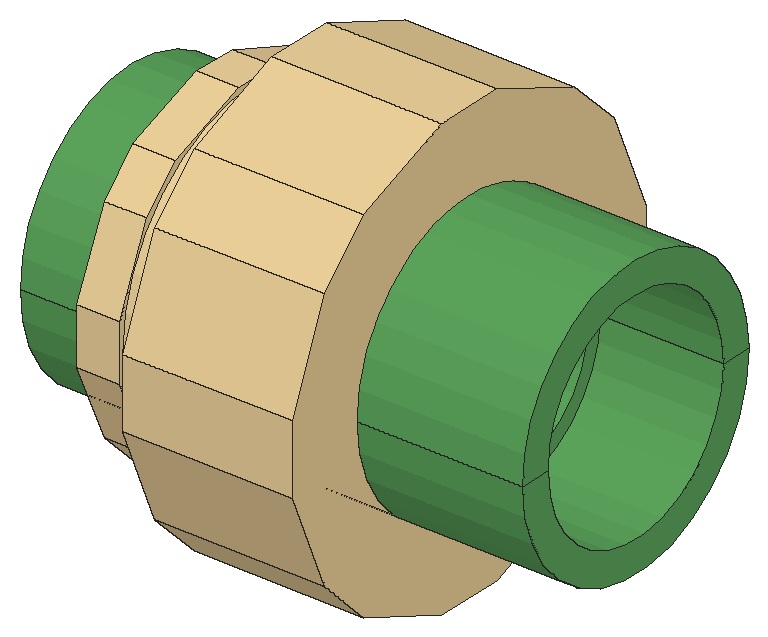
Revit family "Aquatherm_Муфтовое резьбовое соединение", category Соединительные детали трубопроводов, Revit 2019
Family settings
  Размер круглого соединителя = Использовать диаметр
  Тип детали = Соединение
  На основе рабочей плоскости = Нет
  Всегда вертикально = Да
  При загрузке вырезать с полостями = Нет
  Общий = Нет
Parameters (values of type "SDR 9")
  Материал_Корпус = AquaTherm green pipe
  Материал_Корпус_2 = AquaTherm латунь pipe
  z1 [instance] = z / 3 * 2  # 12.333 mm
  z [instance] = size_lookup("Муфтовое резьбовое соединение", "z", 18 mm, d)  # 18.5 mm
  URL = "www.agpipe.ru"
  l [instance] = size_lookup("Муфтовое резьбовое соединение", "l", 18 mm, d)  # 36.5 mm
  d [instance] = 32 mm
  SW2' [instance] = SW2 - 1 mm  # 49 mm
  SW2 [instance] = size_lookup("Муфтовое резьбовое соединение", "SW2", 18 mm, d)  # 50 mm
  SW1' [instance] = SW1 - 1 mm  # 63 mm
  SW1 [instance] = size_lookup("Муфтовое резьбовое соединение", "SW1", 18 mm, d)  # 64 mm
  SDR = 9 mm
  D1 [instance] = D * 2  # 82 mm
  D [instance] = size_lookup("Муфтовое резьбовое соединение", "D", 18 mm, d)  # 41 mm
  ADSK_Примечание = ""
  ADSK_Позиция [instance] = ""
  ADSK_Обозначение [instance] = ""
  ADSK_Наименование [instance] = size_lookup("Муфтовое резьбовое соединение", "ADSK_Наименование", "Нет в каталоге", d)  # "Муфтовое резьбовое соединение DN32"
  ADSK_Масса_Текст [instance] = size_lookup("Муфтовое резьбовое соединение", "ADSK_Масса_Текст", "Нет в каталоге", d)  # "0.479"
  ADSK_Код изделия [instance] = size_lookup("Муфтовое резьбовое соединение", "ADSK_Код изделия", "Нет в каталоге", d)  # "15812"
  ADSK_Завод-изготовитель = "Aquatherm"  # constant formula
  ADSK_Единица измерения = "шт."  # constant formula
Types (5, lengths in mm): name | SDR
  (no name) | 9
  SDR 6 | 6
  SDR 7.4 | 7.4
  SDR 9 | 9
  SDR 11 | 11
Reference planes
  plane 1 "По центру (Вперед/Назад)": y = 0
  plane 2: z = 0
  plane 3 "По центру (Влево/Вправо)": x = 0
  plane 4: x = 36.5
  plane 5: x = 18.5
  plane 6: x = -36.5
  plane 7: x = -18.5
  plane 8: y = 16
  plane 9: y = -16
  plane 10: y = 20.5
  plane 11: y = -20.5
  plane 12: x = 12.333
  plane 13: x = -12.333
  plane 14: x = -24.667
Forms (mm)
  Revolve 1, solid, material "AquaTherm green pipe" <- "Материал_Корпус"
    sketch origin (0, 0, 0) x (1, 0, 0) y (0, 1, 0)
      loop
        line (-36.5, 20.5) -> (-36.5, 16) -> (-18.5, 16) -> (-18.5, 14) -> (18.5, 14) -> (18.5, 16) -> (36.5, 16) -> (36.5, 20.5) -> (-36.5, 20.5)
      axis (-36.5, 0) -> (36.5, 0)
    angle from 0 to 360
  Extrusion 2, solid, material "AquaTherm латунь pipe" <- "Материал_Корпус_2"
    sketch origin (0, 0, 0) x (0, 1, 0) y (0, 0, 1)
      loop
        line (-13.255, 32) -> (-32, 13.255) -> (-32, -13.255) -> (-13.255, -32) -> (13.255, -32) -> (32, -13.255) -> (32, 13.255) -> (13.255, 32) -> (-13.255, 32)
      loop
        circle (0, 0) r 20.5
    from -12.333 to 12.333
  Extrusion 3, void
    sketch origin (0, 0, 0) x (0, 1, 0) y (0, 0, 1)
      loop
        line (0, 34.095) -> (-24.109, 24.109) -> (-34.095, 0) -> (-24.109, -24.109) -> (0, -34.095) -> (24.109, -24.109) -> (34.095, 0) -> (24.109, 24.109) -> (0, 34.095)
      loop
        circle (0, 0) r 41
    from -12.333 to 12.333
  Extrusion 4, solid, material "AquaTherm латунь pipe" <- "Материал_Корпус_2"
    sketch origin (0, 0, 0) x (0, 1, 0) y (0, 0, 1)
      loop
        line (-10.355, 25) -> (-25, 10.355) -> (-25, -10.355) -> (-10.355, -25) -> (10.355, -25) -> (25, -10.355) -> (25, 10.355) -> (10.355, 25) -> (-10.355, 25)
      loop
        circle (0, 0) r 20.5
    from -24.667 to -18.5
  Extrusion 5, void
    sketch origin (0, 0, 0) x (0, 1, 0) y (0, 0, 1)
      loop
        line (0, 26.238) -> (-18.245, 19.244) -> (-26.824, 0) -> (-18.245, -19.244) -> (0, -26.238) -> (18.245, -19.244) -> (26.824, 0) -> (18.245, 19.244) -> (0, 26.238)
      loop
        circle (0, 0) r 41
    from -24.667 to -18.5
  Extrusion 6, solid, material "AquaTherm латунь pipe" <- "Материал_Корпус_2"
    sketch origin (0, 0, 0) x (0, 1, 0) y (0, 0, 1)
      loop
        circle (0, 0) r 24.5
      loop
        circle (0, 0) r 20.5
    from -18.5 to -12.333
Cuts and joins
  Extrusion 3 cuts Revolve 1
  Extrusion 3, Extrusion 5 cuts Extrusion 2
  Extrusion 5 cuts Extrusion 4
Lines and regions (mm)
  reference lines
    curve 1: line (-18.5, 0, 0) -> (18.5, 0, 0)
Dimensions and locks
  "z": plane 3 "По центру (Влево/Вправо)" to plane 5
  "z": plane 7 to plane 3 "По центру (Влево/Вправо)"
  "l": plane 6 to plane 3 "По центру (Влево/Вправо)"
  "l": plane 3 "По центру (Влево/Вправо)" to plane 4
  equal spacing: plane 8, plane 1 "По центру (Вперед/Назад)", plane 9
  "d": plane 8 to plane 9
  equal spacing: plane 11, plane 1 "По центру (Вперед/Назад)", plane 10
  "D": plane 11 to plane 10
  locked: plane 8 to Revolve 1 sketch curve at 2
  equal spacing: Extrusion 2 sketch curve, level, Extrusion 2 sketch curve
  "SW1": Extrusion 2 sketch curve to Extrusion 2 sketch curve  (x4)
  equal spacing: Extrusion 2 sketch curve, plane 1 "По центру (Вперед/Назад)", Extrusion 2 sketch curve  (x3)
  equal spacing: Extrusion 3 sketch curve, plane 1 "По центру (Вперед/Назад)", Extrusion 3 sketch curve  (x4)
  "SW1'": Extrusion 3 sketch curve to Extrusion 3 sketch curve  (x4)
  "z1": plane 13 to plane 3 "По центру (Влево/Вправо)"
  "z1": plane 3 "По центру (Влево/Вправо)" to plane 12
  equal spacing: Extrusion 4 sketch curve, level, Extrusion 4 sketch curve
  "SW2": Extrusion 4 sketch curve to Extrusion 4 sketch curve  (x4)
  equal spacing: Extrusion 4 sketch curve, plane 1 "По центру (Вперед/Назад)", Extrusion 4 sketch curve  (x3)
  equal spacing: Extrusion 5 sketch curve, plane 1 "По центру (Вперед/Назад)", Extrusion 5 sketch curve  (x4)
  "SW2'": Extrusion 5 sketch curve to Extrusion 5 sketch curve  (x4)
  "z1": plane 14 to plane 13
  "D1": diameter of Extrusion 3 sketch curve
  "D": diameter of Extrusion 2 sketch curve
  "D1": diameter of Extrusion 5 sketch curve
  "D": diameter of Extrusion 4 sketch curve
  "SW2'": diameter of Extrusion 6 sketch curve
  "D": diameter of Extrusion 6 sketch curve
  locked: Extrusion 2 sketch curve to Extrusion 2 sketch curve (angle 135.00°)  (x4)
  locked: Extrusion 3 sketch curve to Extrusion 3 sketch curve (angle 135.00°)  (x4)
  angle Extrusion 4 sketch curve to Extrusion 4 sketch curve = 135.00°
  locked: Extrusion 4 sketch curve to Extrusion 4 sketch curve (angle 135.00°)  (x3)
  locked: Extrusion 5 sketch curve to Extrusion 5 sketch curve (angle 135.00°)  (x4)
  aligned and locked: level to plane 2
  aligned and locked: Revolve 1 sketch curve to plane 6
  aligned and locked: plane 10 to Revolve 1 sketch curve
  aligned and locked: plane 8 to Revolve 1 sketch curve  (x2)
  aligned and locked: Revolve 1 sketch curve to plane 7
  aligned and locked: Revolve 1 sketch curve to plane 4
  aligned and locked: Revolve 1 sketch curve to plane 5
  aligned and locked: plane 12 to cut or joined group of Extrusion 2, Extrusion 3, Extrusion 5  (x2)
  aligned and locked: plane 13 to cut or joined group of Extrusion 2, Extrusion 3, Extrusion 5  (x2)
  aligned and locked: Extrusion 4 to plane 14
  aligned and locked: cut or joined group of Extrusion 4, Extrusion 5 to plane 7  (x2)
  aligned and locked: cut or joined group of Extrusion 4, Extrusion 5 to plane 14
  aligned and locked: plane 7 to Extrusion 6
  aligned and locked: Extrusion 6 to plane 13
  aligned and locked: plane 5 to curve 1
  aligned and locked: plane 7 to curve 1
Automatic sketch dimensions
  plane 1 "По центру (Вперед/Назад)" to curve 1 = 0 mm
  plane 1 "По центру (Вперед/Назад)" to Revolve 1 sketch curve = 0 mm
  plane 6 to Revolve 1 sketch curve = 30 mm
  plane 4 to Revolve 1 sketch curve = 77 mm
  Extrusion 2 sketch curve to level = 0 mm
  Extrusion 2 sketch curve to plane 1 "По центру (Вперед/Назад)" = 0 mm
  Extrusion 3 sketch curve to plane 1 "По центру (Вперед/Назад)" = 0 mm  (x2)
  Extrusion 3 sketch curve to level = 0 mm  (x2)
  Extrusion 4 sketch curve to level = 0 mm
  Extrusion 4 sketch curve to plane 1 "По центру (Вперед/Назад)" = 0 mm
  Extrusion 5 sketch curve to level = 0 mm  (x2)
  Extrusion 5 sketch curve to plane 1 "По центру (Вперед/Назад)" = 0 mm
  plane 1 "По центру (Вперед/Назад)" to Extrusion 5 sketch curve = 18.245 mm
  Extrusion 6 sketch curve to Extrusion 6 sketch curve = 0 mm  (x2)
  Extrusion 6 sketch curve to level = 0 mm
  Extrusion 6 sketch curve to plane 1 "По центру (Вперед/Назад)" = 0 mm
Connectors
  piping at (-18.5, 0, 0), diameter 32, driven by "d"
    settings: on curve 1, index 1, connector inside diameter 609.6 mm, connector length 0 mm, flow factor 0, pipe flow 0.0 L/s, pressure drop 0.0 Pa, fitting loss kfactor 0, connector angle 0.00°, fixture units 0, engagement length 0 mm, angle of deflection 0.00°, flow configuration 0, flow direction 0, fitting loss method 0, system type 28, joint type 0, gender type 0, connector reference index 2, connector utility 0, adjustable connector no, is connector primary yes, connector description ""
  piping at (18.5, 0, 0), diameter 32, driven by "d"
    settings: on curve 1, index 2, connector inside diameter 609.6 mm, connector length 0 mm, flow factor 0, pipe flow 0.0 L/s, pressure drop 0.0 Pa, fitting loss kfactor 0, connector angle 0.00°, fixture units 0, engagement length 0 mm, angle of deflection 0.00°, flow configuration 0, flow direction 0, fitting loss method 0, system type 28, joint type 0, gender type 0, connector reference index 1, connector utility 0, adjustable connector no, is connector primary no, connector description ""
